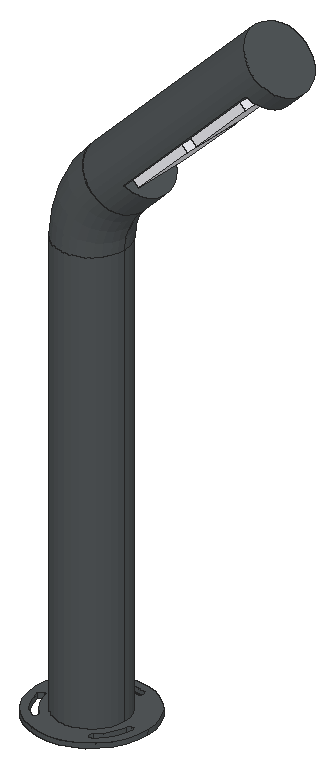
Revit family "Дио_мини", category Осветительные приборы, Revit 2019 (continued)
Parameters (values of type "ДТУ932 Светодиодный светильник Дио мини ДТУ-93-AF-12Вт-0,9")
    91.2 180.9 170.3 160.6 152.1 144.6 138.1 132.9 128.3 124.6 121.7 119.5 116.8\r\n 114.0 110.7 107.6 105.8 104.0 102.3 100.2 97.8 95.1 92.1 88.9 85.3 81.6 77.7 73.7 69.5 65.4 61.3 57.5 54.0 50.9 48.3 46.4 45.1\r\n 44.3 43.5 42.4 41.2 40.0 38.6 36.8 34.3 31.7 29.7 28.3 27.1 26.2 25.4 24.5 23.7 23.0 22.2 21.5 20.7 19.8 18.5 17.2 15.8 14.6 13.4\r\n 12.5 11.8 11.2 10.6 10.1 9.6 9.1 8.7 8.4 8.0 7.7 7.3 7.0 6.7 6.4 6.0 5.3 4.7 4.3 4.0 3.7 3.3 2.9 2.5 2.2 1.9 1.7 1.5 1.3 1.1 1.0\r\n 0.8 0.6 0.5 0.4 0.3 0.3 0.3 0.3 0.3 0.3 0.3 0.3 0.3 0.3 0.3 0.1 0.0 0.0 0.0 0.0 0.0 0.0 0.0 0.0 0.0 0.0 0.0 0.0 0.0 0.0 0.0 0.0\r\n 0.0 0.0 0.0 0.0 0.0 0.0 0.0 0.0 0.0 0.0 0.0 0.0 0.0 0.0 0.0 0.0 0.0 0.0 0.0 0.0 0.0 0.0 0.0 0.0 0.0 0.0 0.0 0.0 0.0 0.0 0.0 0.0\r\n 0.0 0.0 0.0 0.0 0.0 0.0 0.0 0.0 0.0 0.0 0.0 0.0 0.0 0.0 0.0 0.0 0.0 0.0 0.0 0.0 0.0 0.0 0.0 0.0 0.0 0.0 0.0 0.0 0.0 0.0 0.0 0.0\r\n 0.0 0.0 0.0 0.0 0.0 0.0 0.0 0.0 0.0 0.0 0.0 0.0 0.0 0.0 0.0 0.0 0.0 0.0 0.0 0.0 0.0 0.0 0.0 0.0 0.0 0.0 0.0 0.0 0.0 0.0 0.0 0.0\r\n 0.0 0.0 0.0 0.0 0.0 0.0 0.0 0.0 0.0 0.0 0.0 0.0 0.0 0.0 0.0 0.0 0.0 0.0 0.0 0.0 0.0 0.0 0.0 0.0 0.0 0.0 0.0 0.0 0.0 0.0 0.0 0.0\r\n 0.0 0.0 0.0 0.0 0.0 0.0 0.0 0.0 0.0 0.0 0.0 0.0 0.0 0.0 0.0\r\n258.3 263.4 265.5 267.9 270.5 273.5 276.6 279.9 283.5 287.5 291.6 295.7 300.0 304.4 308.9 313.1 316.9 320.7 324.4 328.1 331.6\r\n 335.1 338.4 341.8 344.9 348.0 351.0 353.9 356.6 359.1 361.6 364.0 366.1 367.8 369.4 370.7 371.8 372.7 373.3 373.7 374.0 374.0\r\n 373.9 373.6 373.4 373.0 372.3 371.5 370.5 369.5 368.2 366.9 365.5 364.2 363.0 361.9 360.7 359.4 358.3 357.2 356.2 355.5 354.8\r\n 354.0 353.1 351.7 350.4 348.8 346.8 344.0 340.1 335.6 330.5 325.0 319.8 314.4 308.4 301.9 295.0 287.6 279.6 271.8 264.4 256.4\r\n 247.4 238.6 230.7 224.2 218.0 210.8 202.1 193.1 183.8 173.5 163.4 154.3 146.3 139.3 133.3 128.3 124.4 121.4 119.1 116.8 114.1\r\n 111.3 108.0 105.1 103.2 101.5 99.6 97.4 95.0 92.3 89.1 85.6 81.8 77.9 73.8 69.6 65.6 61.5 57.8 54.3 51.1 48.3 46.0 44.4 43.5 43.1\r\n 42.7 41.5 40.2 39.0 37.5 35.2 32.4 30.4 29.0 27.8 26.9 26.0 25.3 24.5 23.7 22.9 22.2 21.5 20.7 19.9 18.8 17.2 15.9 14.5 13.4 12.3\r\n 11.4 10.9 10.3 9.8 9.3 8.8 8.4 8.1 7.7 7.4 7.1 6.8 6.4 6.1 5.8 5.0 4.4 4.1 3.8 3.4 3.0 2.7 2.3 1.9 1.6 1.4 1.3 1.1 1.0 0.9 0.8\r\n 0.6 0.5 0.5 0.3 0.3 0.3 0.3 0.3 0.3 0.3 0.3 0.3 0.3 0.3 0.0 0.0 0.0 0.0 0.0 0.0 0.0 0.0 0.0 0.0 0.0 0.0 0.0 0.0 0.0 0.0 0.0 0.0\r\n 0.0 0.0 0.0 0.0 0.0 0.0 0.0 0.0 0.0 0.0 0.0 0.0 0.0 0.0 0.0 0.0 0.0 0.0 0.0 0.0 0.0 0.0 0.0 0.0 0.0 0.0 0.0 0.0 0.0 0.0 0.0 0.0\r\n 0.0 0.0 0.0 0.0 0.0 0.0 0.0 0.0 0.0 0.0 0.0 0.0 0.0 0.0 0.0 0.0 0.0 0.0 0.0 0.0 0.0 0.0 0.0 0.0 0.0 0.0 0.0 0.0 0.0 0.0 0.0 0.0\r\n 0.0 0.0 0.0 0.0 0.0 0.0 0.0 0.0 0.0 0.0 0.0 0.0 0.0 0.0 0.0 0.0 0.0 0.0 0.0 0.0 0.0 0.0 0.0 0.0 0.0 0.0 0.0 0.0 0.0 0.0 0.0 0.0\r\n 0.0 0.0 0.0 0.0 0.0 0.0 0.0 0.0 0.0 0.0 0.0 0.0 0.0 0.0 0.0 0.0 0.0 0.0 0.0 0.0 0.0 0.0 0.0 0.0 0.0 0.0 0.0 0.0 0.0 0.0 0.0 0.0\r\n 0.0 0.0 0.0 0.0 0.0 0.0 0.0 0.0 0.0 0.0 0.0 0.0 0.0 0.0\r\n258.3 263.6 265.8 268.1 270.9 273.9 277.1 280.5 284.4 288.5 292.7 296.9 301.4 305.9 310.2 314.3 318.0 322.1 325.8 329.4 333.0\r\n 336.4 339.8 343.1 346.2 349.5 352.4 355.3 358.0 360.5 362.8 365.1 367.2 369.0 370.6 371.8 372.8 373.5 374.0 374.3 374.4 374.3\r\n 374.0 373.6 373.2 372.7 372.0 370.9 370.0 368.9 367.6 366.2 364.8 363.5 362.2 361.0 359.6 358.2 356.9 355.9 354.9 354.1 353.4\r\n 352.4 351.1 349.7 348.1 346.3 344.0 340.6 336.2 331.2 325.9 320.4 314.8 309.0 303.0 296.3 289.6 282.0 273.5 265.6 257.9 249.0\r\n 239.1 230.4 222.9 216.9 211.1 202.5 194.0 185.4 175.0 165.0 155.6 147.2 139.5 133.3 128.3 124.2 121.0 118.5 116.3 114.0 111.4\r\n 108.4 105.0 102.6 100.9 99.1 97.1 94.8 92.3 89.4 86.0 82.4 78.5 74.5 70.4 66.3 62.2 58.4 54.9 51.7 48.8 46.3 44.5 43.3 42.8 42.7\r\n 42.0 40.7 39.5 38.1 36.2 33.2 30.9 29.4 28.2 27.3 26.4 25.5 24.8 24.1 23.4 22.5 21.8 21.0 20.4 19.7 18.3 16.8 15.5 14.1 13.0 12.0\r\n 11.3 10.8 10.3 9.9 9.3 8.8 8.3 7.8 7.5 7.1 6.8 6.5 6.2 5.8 5.4 4.5 4.1 3.8 3.5 3.1 2.7 2.4 2.1 1.7 1.4 1.2 1.2 1.1 1.0 0.9 0.8\r\n 0.7 0.6 0.5 0.4 0.4 0.4 0.4 0.4 0.4 0.4 0.4 0.4 0.4 0.4 0.0 0.0 0.0 0.0 0.0 0.0 0.0 0.0 0.0 0.0 0.0 0.0 0.0 0.0 0.0 0.0 0.0 0.0\r\n 0.0 0.0 0.0 0.0 0.0 0.0 0.0 0.0 0.0 0.0 0.0 0.0 0.0 0.0 0.0 0.0 0.0 0.0 0.0 0.0 0.0 0.0 0.0 0.0 0.0 0.0 0.0 0.0 0.0 0.0 0.0 0.0\r\n 0.0 0.0 0.0 0.0 0.0 0.0 0.0 0.0 0.0 0.0 0.0 0.0 0.0 0.0 0.0 0.0 0.0 0.0 0.0 0.0 0.0 0.0 0.0 0.0 0.0 0.0 0.0 0.0 0.0 0.0 0.0 0.0\r\n 0.0 0.0 0.0 0.0 0.0 0.0 0.0 0.0 0.0 0.0 0.0 0.0 0.0 0.0 0.0 0.0 0.0 0.0 0.0 0.0 0.0 0.0 0.0 0.0 0.0 0.0 0.0 0.0 0.0 0.0 0.0 0.0\r\n 0.0 0.0 0.0 0.0 0.0 0.0 0.0 0.0 0.0 0.0 0.0 0.0 0.0 0.0 0.0 0.0 0.0 0.0 0.0 0.0 0.0 0.0 0.0 0.0 0.0 0.0 0.0 0.0 0.0 0.0 0.0 0.0\r\n 0.0 0.0 0.0 0.0 0.0 0.0 0.0 0.0 0.0 0.0 0.0 0.0 0.0 0.0\r\n258.3 263.4 265.6 268.0 270.8 273.7 276.9 280.3 284.3 288.4 292.8 297.1 301.6 306.0 310.2 314.2 318.0 321.9 325.5 329.2 332.8\r\n 336.2 339.7 343.0 346.2 349.4 352.1 354.9 357.5 360.1 362.4 364.6 366.7 368.5 369.9 371.1 372.1 372.9 373.4 373.7 374.0 373.9\r\n 373.6 373.2 372.9 372.4 371.7 370.8 369.9 368.8 367.6 366.3 364.9 363.8 362.7 361.4 360.0 358.7 357.5 356.4 355.6 355.1 354.4\r\n 353.5 352.4 351.0 349.5 347.6 345.2 342.0 337.6 332.9 327.7 322.4 317.0 311.4 305.2 298.7 291.6 284.1 276.0 268.4 260.6 251.7\r\n 242.4 234.1 226.8 220.3 214.0 206.6 198.1 188.5 178.2 168.2 158.7 149.9 142.1 135.6 130.1 125.9 122.4 119.7 117.3 114.8 112.1\r\n 109.3 106.8 104.5 102.3 100.3 98.2 96.0 93.6 90.8 87.6 84.0 80.2 76.2 72.0 67.8 63.7 59.8 56.1 52.8 49.8 47.3 45.4 44.1 43.4 43.0\r\n 42.2 41.1 39.8 38.4 36.4 33.6 31.2 29.6 28.4 27.4 26.5 25.7 24.9 24.2 23.5 22.6 21.8 21.1 20.4 19.5 18.0 16.6 15.2 13.9 12.8 11.8\r\n 11.1 10.6 10.1 9.6 9.2 8.8 8.4 8.0 7.7 7.3 7.0 6.7 6.3 6.0 5.6 4.7 4.4 4.1 3.7 3.4 3.0 2.7 2.3 1.9 1.6 1.4 1.3 1.2 1.1 0.9 0.8\r\n 0.7 0.7 0.5 0.4 0.4 0.4 0.4 0.4 0.4 0.4 0.4 0.4 0.4 0.4 0.0 0.0 0.0 0.0 0.0 0.0 0.0 0.0 0.0 0.0 0.0 0.0 0.0 0.0 0.0 0.0 0.0 0.0\r\n 0.0 0.0 0.0 0.0 0.0 0.0 0.0 0.0 0.0 0.0 0.0 0.0 0.0 0.0 0.0 0.0 0.0 0.0 0.0 0.0 0.0 0.0 0.0 0.0 0.0 0.0 0.0 0.0 0.0 0.0 0.0 0.0\r\n 0.0 0.0 0.0 0.0 0.0 0.0 0.0 0.0 0.0 0.0 0.0 0.0 0.0 0.0 0.0 0.0 0.0 0.0 0.0 0.0 0.0 0.0 0.0 0.0 0.0 0.0 0.0 0.0 0.0 0.0 0.0 0.0\r\n 0.0 0.0 0.0 0.0 0.0 0.0 0.0 0.0 0.0 0.0 0.0 0.0 0.0 0.0 0.0 0.0 0.0 0.0 0.0 0.0 0.0 0.0 0.0 0.0 0.0 0.0 0.0 0.0 0.0 0.0 0.0 0.0\r\n 0.0 0.0 0.0 0.0 0.0 0.0 0.0 0.0 0.0 0.0 0.0 0.0 0.0 0.0 0.0 0.0 0.0 0.0 0.0 0.0 0.0 0.0 0.0 0.0 0.0 0.0 0.0 0.0 0.0 0.0 0.0 0.0\r\n 0.0 0.0 0.0 0.0 0.0 0.0 0.0 0.0 0.0 0.0 0.0 0.0 0.0 0.0\r\n258.3 263.2 265.4 267.7 270.6 273.4 276.5 280.0 283.9 287.8 291.9 296.0 300.4 304.7 309.1 313.1 316.9 320.6 324.3 327.9 331.4\r\n 334.8 338.1 341.4 344.6 347.6 350.5 353.2 355.9 358.5 360.9 363.0 365.1 366.9 368.5 369.8 370.8 371.7 372.3 372.7 372.9 372.9\r\n 372.8 372.6 372.2 371.9 371.4 370.6 369.8 368.8 367.7 366.6 365.4 364.3 363.3 362.2 361.1 359.8 358.5 357.3 356.4 355.8 355.3\r\n 354.6 353.6 352.4 350.9 349.1 347.0 344.2 340.4 335.8 330.8 325.7 320.8 315.5 309.6 303.0 296.2 289.1 281.6 274.3 267.1 259.5\r\n 251.2 243.1 235.5 228.3 221.1 213.3 204.7 195.9 186.8 176.8 166.4 156.9 148.7 141.8 135.9 130.9 126.7 123.3 120.4 117.7 115.1\r\n 112.4 109.5 106.8 104.8 103.2 101.2 98.9 96.5 93.8 91.0 87.8 84.3 80.6 76.7 72.6 68.4 64.1 60.0 56.3 53.0 50.1 47.7 46.0 44.8\r\n 43.9 43.2 42.3 41.0 39.7 38.1 36.0 33.3 30.9 29.2 28.0 26.9 26.0 25.2 24.4 23.6 22.8 22.0 21.3 20.5 19.5 18.2 16.8 15.4 14.3 13.2\r\n 12.2 11.5 11.0 10.5 10.0 9.6 9.1 8.7 8.4 8.0 7.7 7.4 7.0 6.7 6.4 5.9 5.2 4.7 4.4 4.1 3.7 3.3 3.0 2.6 2.3 2.0 1.7 1.5 1.4 1.2 1.0\r\n 0.8 0.7 0.6 0.5 0.4 0.4 0.4 0.4 0.4 0.4 0.4 0.4 0.4 0.4 0.3 0.1 0.0 0.0 0.0 0.0 0.0 0.0 0.0 0.0 0.0 0.0 0.0 0.0 0.0 0.0 0.0 0.0\r\n 0.0 0.0 0.0 0.0 0.0 0.0 0.0 0.0 0.0 0.0 0.0 0.0 0.0 0.0 0.0 0.0 0.0 0.0 0.0 0.0 0.0 0.0 0.0 0.0 0.0 0.0 0.0 0.0 0.0 0.0 0.0 0.0\r\n 0.0 0.0 0.0 0.0 0.0 0.0 0.0 0.0 0.0 0.0 0.0 0.0 0.0 0.0 0.0 0.0 0.0 0.0 0.0 0.0 0.0 0.0 0.0 0.0 0.0 0.0 0.0 0.0 0.0 0.0 0.0 0.0\r\n 0.0 0.0 0.0 0.0 0.0 0.0 0.0 0.0 0.0 0.0 0.0 0.0 0.0 0.0 0.0 0.0 0.0 0.0 0.0 0.0 0.0 0.0 0.0 0.0 0.0 0.0 0.0 0.0 0.0 0.0 0.0 0.0\r\n 0.0 0.0 0.0 0.0 0.0 0.0 0.0 0.0 0.0 0.0 0.0 0.0 0.0 0.0 0.0 0.0 0.0 0.0 0.0 0.0 0.0 0.0 0.0 0.0 0.0 0.0 0.0 0.0 0.0 0.0 0.0 0.0\r\n 0.0 0.0 0.0 0.0 0.0 0.0 0.0 0.0 0.0 0.0 0.0 0.0 0.0 0.0 0.0\r\n258.3 262.9 265.2 267.5 270.2 273.0 276.0 279.5 283.1 286.9 290.8 295.2 299.4 303.5 307.7 311.9 315.6 319.3 322.9 326.4 329.8\r\n 333.2 336.4 339.6 342.7 345.6 348.6 351.4 353.9 356.4 358.8 361.1 363.2 364.9 366.5 367.9 369.1 370.0 370.7 371.3 371.6 371.8\r\n 371.8 371.6 371.4 371.0 370.6 370.1 369.5 368.7 367.7 366.7 365.8 364.7 363.9 363.0 362.1 361.0 359.7 358.4 357.2 356.3 355.8\r\n 355.2 354.3 353.2 351.8 350.2 348.2 345.6 342.4 338.3 333.6 328.7 324.0 319.3 313.8 307.4 300.9 294.3 287.5 281.0 274.8 268.3\r\n 261.3 254.7 248.4 241.6 233.8 225.2 216.4 207.7 198.6 188.9 178.7 168.6 159.4 151.7 145.3 139.8 134.7 130.1 126.5 123.1 119.9\r\n 116.8 113.7 110.7 108.8 107.2 105.3 103.3 101.1 98.5 95.8 92.9 89.7 86.2 82.6 78.9 74.9 70.9 66.9 63.0 59.3 55.8 52.7 50.1 48.0\r\n 46.4 45.1 44.0 42.9 41.6 40.2 38.5 36.4 34.0 31.5 29.3 27.9 26.8 25.8 24.9 24.0 23.1 22.3 21.4 20.6 19.7 18.1 16.9 15.6 14.5 13.4\r\n 12.6 11.9 11.4 10.9 10.4 10.0 9.6 9.2 8.8 8.4 8.1 7.8 7.4 7.1 6.8 6.4 5.8 5.3 4.9 4.6 4.2 3.8 3.4 3.0 2.6 2.3 2.1 2.0 1.8 1.5 1.2\r\n 1.0 0.8 0.7 0.5 0.4 0.4 0.4 0.4 0.4 0.4 0.4 0.4 0.4 0.4 0.3 0.1 0.0 0.0 0.0 0.0 0.0 0.0 0.0 0.0 0.0 0.0 0.0 0.0 0.0 0.0 0.0 0.0\r\n 0.0 0.0 0.0 0.0 0.0 0.0 0.0 0.0 0.0 0.0 0.0 0.0 0.0 0.0 0.0 0.0 0.0 0.0 0.0 0.0 0.0 0.0 0.0 0.0 0.0 0.0 0.0 0.0 0.0 0.0 0.0 0.0\r\n 0.0 0.0 0.0 0.0 0.0 0.0 0.0 0.0 0.0 0.0 0.0 0.0 0.0 0.0 0.0 0.0 0.0 0.0 0.0 0.0 0.0 0.0 0.0 0.0 0.0 0.0 0.0 0.0 0.0 0.0 0.0 0.0\r\n 0.0 0.0 0.0 0.0 0.0 0.0 0.0 0.0 0.0 0.0 0.0 0.0 0.0 0.0 0.0 0.0 0.0 0.0 0.0 0.0 0.0 0.0 0.0 0.0 0.0 0.0 0.0 0.0 0.0 0.0 0.0 0.0\r\n 0.0 0.0 0.0 0.0 0.0 0.0 0.0 0.0 0.0 0.0 0.0 0.0 0.0 0.0 0.0 0.0 0.0 0.0 0.0 0.0 0.0 0.0 0.0 0.0 0.0 0.0 0.0 0.0 0.0 0.0 0.0 0.0\r\n 0.0 0.0 0.0 0.0 0.0 0.0 0.0 0.0 0.0 0.0 0.0 0.0 0.0 0.0 0.0\r\n258.3 262.7 264.9 267.0 269.8 272.5 275.4 278.6 281.9 285.5 289.5 293.4 297.4 301.6 305.7 309.6 313.3 316.9 320.5 323.9 327.1\r\n 330.4 333.6 336.7 339.7 342.6 345.5 348.2 350.7 353.1 355.5 357.8 359.7 361.7 363.4 364.9 366.3 367.3 368.2 369.1 369.5 369.9\r\n 370.0 370.1 370.0 369.8 369.6 369.4 369.1 368.5 367.8 367.0 366.1 365.2 364.4 363.8 363.5 363.0 362.1 361.0 359.8 358.8 358.1\r\n 357.7 357.2 356.7 355.9 354.8 353.3 351.3 348.7 345.3 341.3 336.7 332.3 327.8 322.6 316.6 310.2 304.0 297.9 292.1 286.6 281.2\r\n 275.6 270.0 264.3 258.2 251.5 243.7 235.1 226.2 217.0 207.7 198.3 189.1 180.3 171.9 164.0 156.7 150.2 144.6 139.5 134.8 130.6\r\n 126.5 122.8 119.3 116.0 113.5 111.3 109.3 107.1 104.8 102.4 99.8 97.0 94.1 90.8 87.3 83.7 80.0 76.1 72.3 68.4 64.6 60.9 57.6 54.5\r\n 51.9 49.7 47.8 46.1 44.6 43.2 41.8 40.2 38.5 36.7 34.5 32.3 30.1 28.3 26.8 25.5 24.5 23.5 22.5 21.6 20.8 19.8 18.7 17.4 16.3 15.2\r\n 14.2 13.3 12.7 12.1 11.6 11.1 10.7 10.3 9.9 9.5 9.1 8.7 8.4 8.1 7.7 7.3 6.8 6.3 5.9 5.5 5.1 4.6 4.2 3.8 3.4 3.1 2.8 2.6 2.3 2.0\r\n 1.7 1.4 1.1 0.9 0.7 0.6 0.5 0.4 0.4 0.4 0.4 0.4 0.4 0.4 0.4 0.3 0.1 0.0 0.0 0.0 0.0 0.0 0.0 0.0 0.0 0.0 0.0 0.0 0.0 0.0 0.0 0.0\r\n 0.0 0.0 0.0 0.0 0.0 0.0 0.0 0.0 0.0 0.0 0.0 0.0 0.0 0.0 0.0 0.0 0.0 0.0 0.0 0.0 0.0 0.0 0.0 0.0 0.0 0.0 0.0 0.0 0.0 0.0 0.0 0.0\r\n 0.0 0.0 0.0 0.0 0.0 0.0 0.0 0.0 0.0 0.0 0.0 0.0 0.0 0.0 0.0 0.0 0.0 0.0 0.0 0.0 0.0 0.0 0.0 0.0 0.0 0.0 0.0 0.0 0.0 0.0 0.0 0.0\r\n 0.0 0.0 0.0 0.0 0.0 0.0 0.0 0.0 0.0 0.0 0.0 0.0 0.0 0.0 0.0 0.0 0.0 0.0 0.0 0.0 0.0 0.0 0.0 0.0 0.0 0.0 0.0 0.0 0.0 0.0 0.0 0.0\r\n 0.0 0.0 0.0 0.0 0.0 0.0 0.0 0.0 0.0 0.0 0.0 0.0 0.0 0.0 0.0 0.0 0.0 0.0 0.0 0.0 0.0 0.0 0.0 0.0 0.0 0.0 0.0 0.0 0.0 0.0 0.0 0.0\r\n 0.0 0.0 0.0 0.0 0.0 0.0 0.0 0.0 0.0 0.0 0.0 0.0 0.0 0.0 0.0 0.0\r\n258.3 262.4 264.5 266.6 269.1 271.7 274.4 277.4 280.5 284.1 287.8 291.6 295.6 299.4 303.5 307.2 311.0 314.5 317.8 321.3 324.4\r\n 327.7 330.7 333.5 336.5 339.2 342.0 344.6 347.2 349.6 351.7 353.9 356.0 358.0 359.8 361.4 362.8 364.1 365.3 366.3 366.9 367.4\r\n 367.8 368.0 368.1 368.2 368.1 368.0 368.0 367.9 367.6 367.2 366.6 366.0 365.3 364.9 364.7 364.8 364.8 364.5 363.8 362.8 362.0\r\n 361.5 361.1 360.9 360.4 359.6 358.7 357.2 355.1 352.5 348.9 345.0 341.0 336.6 331.7 326.2 320.3 314.4 308.6 303.2 298.6 294.1\r\n 289.6 285.0 280.5 276.0 270.7 264.5 257.3 249.4 241.2 232.4 223.0 213.7 204.5 195.4 187.3 180.0 172.6 165.5 159.2 153.2 147.5\r\n 142.4 137.9 133.5 129.1 125.5 122.1 118.8 115.8 113.1 110.4 107.5 104.4 101.7 98.8 95.6 92.1 88.8 85.3 81.7 77.9 74.1 70.6 67.1\r\n 63.8 60.5 57.4 54.6 52.2 49.9 48.0 46.2 44.7 43.2 41.7 40.2 38.5 36.7 34.7 32.7 30.9 29.1 27.4 25.9 24.7 23.6 22.6 21.6 20.6 19.7\r\n 18.7 17.8 16.8 15.9 15.1 14.4 13.9 13.4 12.9 12.4 11.9 11.4 11.0 10.6 10.1 9.7 9.2 8.6 8.0 7.6 7.2 6.8 6.4 6.0 5.4 4.9 4.5 4.0\r\n 3.7 3.3 2.8 2.3 1.9 1.5 1.3 1.0 0.9 0.7 0.6 0.6 0.5 0.5 0.5 0.4 0.4 0.4 0.4 0.0 0.0 0.0 0.0 0.0 0.0 0.0 0.0 0.0 0.0 0.0 0.0 0.0\r\n 0.0 0.0 0.0 0.0 0.0 0.0 0.0 0.0 0.0 0.0 0.0 0.0 0.0 0.0 0.0 0.0 0.0 0.0 0.0 0.0 0.0 0.0 0.0 0.0 0.0 0.0 0.0 0.0 0.0 0.0 0.0 0.0\r\n 0.0 0.0 0.0 0.0 0.0 0.0 0.0 0.0 0.0 0.0 0.0 0.0 0.0 0.0 0.0 0.0 0.0 0.0 0.0 0.0 0.0 0.0 0.0 0.0 0.0 0.0 0.0 0.0 0.0 0.0 0.0 0.0\r\n 0.0 0.0 0.0 0.0 0.0 0.0 0.0 0.0 0.0 0.0 0.0 0.0 0.0 0.0 0.0 0.0 0.0 0.0 0.0 0.0 0.0 0.0 0.0 0.0 0.0 0.0 0.0 0.0 0.0 0.0 0.0 0.0\r\n 0.0 0.0 0.0 0.0 0.0 0.0 0.0 0.0 0.0 0.0 0.0 0.0 0.0 0.0 0.0 0.0 0.0 0.0 0.0 0.0 0.0 0.0 0.0 0.0 0.0 0.0 0.0 0.0 0.0 0.0 0.0 0.0\r\n 0.0 0.0 0.0 0.0 0.0 0.0 0.0 0.0 0.0 0.0 0.0 0.0 0.0 0.0 0.0 0.0 0.0 0.0 0.0\r\n258.3 262.1 264.0 266.1 268.5 270.9 273.4 276.2 279.0 282.3 285.6 289.4 292.9 296.5 300.2 304.0 307.6 311.2 314.4 317.6 320.7\r\n 323.6 326.4 329.3 332.1 334.8 337.4 340.0 342.5 344.9 347.1 349.3 351.3 353.3 355.2 356.8 358.5 360.0 361.3 362.4 363.4 364.1\r\n 364.7 365.2 365.6 366.0 366.2 366.5 366.6 366.8 367.0 367.1 367.1 366.9 366.6 366.3 366.2 366.2 366.5 367.0 367.4 367.4 367.2\r\n 366.8 366.4 366.1 365.6 365.2 364.6 363.7 362.4 360.5 358.0 354.8 351.2 347.7 343.9 339.2 334.3 329.1 323.9 318.8 314.4 310.3\r\n 306.4 302.5 298.8 295.3 291.5 287.2 282.3 276.8 270.9 264.0 256.5 248.4 240.3 232.2 224.3 216.3 208.5 201.3 193.9 186.4 180.0\r\n 173.6 167.3 161.9 156.3 150.6 146.2 141.8 137.2 133.9 130.6 126.9 123.8 120.9 117.6 114.1 110.8 107.3 103.3 99.6 96.0 91.9 87.6\r\n 83.3 79.2 75.0 70.9 67.3 64.0 60.8 57.7 54.8 52.5 50.5 48.5 46.6 44.8 43.2 41.6 39.8 38.1 36.5 34.7 32.9 31.2 29.7 28.2 26.9 25.5\r\n 24.3 23.1 22.1 21.2 20.3 19.5 18.8 18.0 17.3 16.6 15.9 15.2 14.6 14.0 13.5 12.9 12.2 11.4 10.7 9.9 9.2 8.6 8.1 7.7 7.1 6.5 5.8\r\n 5.3 4.8 4.4 3.9 3.3 2.7 2.2 1.8 1.5 1.3 1.1 1.0 0.9 0.8 0.7 0.6 0.6 0.6 0.5 0.5 0.4 0.1 0.0 0.0 0.0 0.0 0.0 0.0 0.0 0.0 0.0 0.0\r\n 0.0 0.0 0.0 0.0 0.0 0.0 0.0 0.0 0.0 0.0 0.0 0.0 0.0 0.0 0.0 0.0 0.0 0.0 0.0 0.0 0.0 0.0 0.0 0.0 0.0 0.0 0.0 0.0 0.0 0.0 0.0 0.0\r\n 0.0 0.0 0.0 0.0 0.0 0.0 0.0 0.0 0.0 0.0 0.0 0.0 0.0 0.0 0.0 0.0 0.0 0.0 0.0 0.0 0.0 0.0 0.0 0.0 0.0 0.0 0.0 0.0 0.0 0.0 0.0 0.0\r\n 0.0 0.0 0.0 0.0 0.0 0.0 0.0 0.0 0.0 0.0 0.0 0.0 0.0 0.0 0.0 0.0 0.0 0.0 0.0 0.0 0.0 0.0 0.0 0.0 0.0 0.0 0.0 0.0 0.0 0.0 0.0 0.0\r\n 0.0 0.0 0.0 0.0 0.0 0.0 0.0 0.0 0.0 0.0 0.0 0.0 0.0 0.0 0.0 0.0 0.0 0.0 0.0 0.0 0.0 0.0 0.0 0.0 0.0 0.0 0.0 0.0 0.0 0.0 0.0 0.0\r\n 0.0 0.0 0.0 0.0 0.0 0.0 0.0 0.0 0.0 0.0 0.0 0.0 0.0 0.0 0.0 0.0 0.0 0.0 0.0 0.0 0.0\r\n258.3 261.8 263.6 265.5 267.7 269.9 272.1 274.7 277.4 280.4 283.5 286.8 290.2 293.6 297.1 300.6 304.1 307.4 310.5 313.5 316.5\r\n 319.4 322.1 324.9 327.5 330.0 332.6 335.0 337.5 339.7 342.0 344.2 346.2 348.2 350.1 351.8 353.4 355.0 356.3 357.7 358.9 360.0\r\n 361.0 361.8 362.5 363.2 363.7 364.2 364.6 364.9 365.3 366.0 366.5 366.9 367.1 367.3 367.4 367.5 367.8 368.4 369.0 369.6 370.1\r\n 370.6 370.9 371.3 371.5 371.6 371.7 371.6 371.0 370.0 368.5 366.5 363.9 361.0 357.9 354.3 350.3 345.8 341.4 336.8 332.5 328.8\r\n 325.4 322.4 319.3 316.8 314.2 311.8 308.7 305.5 301.9 297.9 293.0 287.2 281.2 274.6 267.9 260.9 253.9 246.8 239.5 232.9 226.3\r\n 219.8 213.9 207.8 202.3 196.6 190.7 185.6 180.6 175.7 171.4 166.8 162.5 158.3 153.6 149.5 145.2 140.4 136.4 132.3 127.9 123.4\r\n 119.2 114.3 109.2 105.0 100.3 95.1 90.5 86.0 81.1 76.1 72.1 68.0 63.7 5
